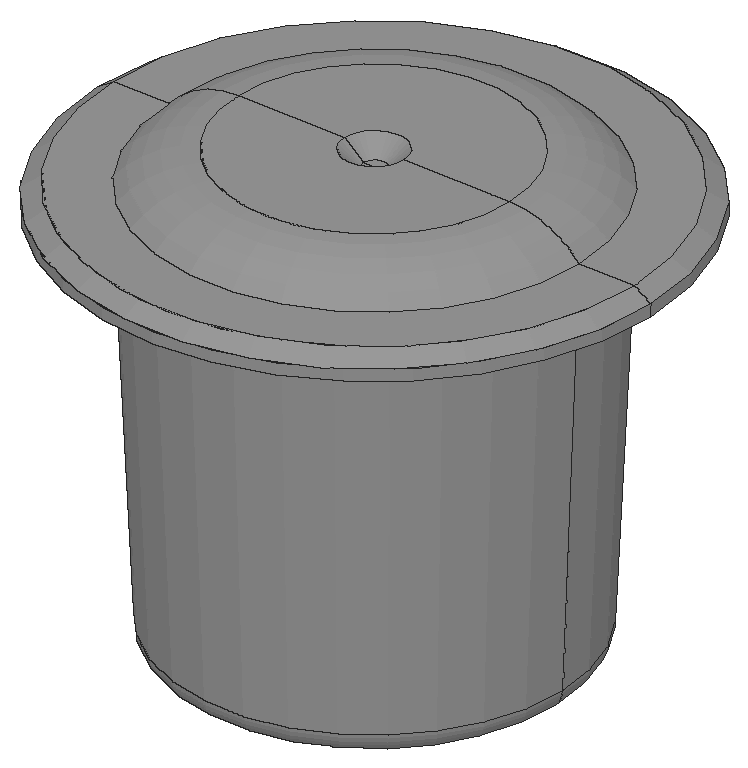
Revit family "0041720", category Lighting Fixtures, host Face, Revit 2017
Family settings
  Host = Face
  Round Connector Dimension = Use Diameter
  Part Type = Normal
  OmniClass Number = 23.80.70.00
  OmniClass Title = Lighting
  Cut with Voids When Loaded = No
  Light Source = Yes
  Shared = No
  Room Calculation Point = No
Parameters (values of type "0041720 SYLSAFE SPOT RA R EM3 NM MS - Open Area Lens")
  Weight = "8.0 kg"
  Wattage Comments = ""
  Wattage = 3 W
  WarrantyStartDate [instance] = "n/a"
  WarrantyGuarantorParts = "n/a"
  WarrantyDurationUnit = "n/a"
  WarrantyDurationParts = "n/a"
  WarrantyDescription = "n/a"
  built-in parameter 1150110 = 1 (stored number, unit not read)
  Voltage = 230 V
  URL = "http://www.sylvania-lighting.com"
  TypeName = "SylSafe Spot RA R EM3 NM MS - Open Area Lens"
  Type Image = <None>
  Type Comments = "n/a"
  built-in parameter 1114217 = 1 (stored number, unit not read)
  Tilt Angle = -90.00°
  built-in parameter 1150109 = 1 (stored number, unit not read)
  built-in parameter 1150134 = (empty or 0)
  built-in parameter 1150113 = 1 (stored number, unit not read)
  SerialNumber [instance] = "n/a"
  Photometric Web File = "0041720OA.ies"
  OpenAreaLens_SYL = yes
  Material_3_SYL = LED
  PowerFactor = 0.45
  PowerConsumption = "3 W"
  NominalLength = 50 mm
  NominalHeight = 45 mm
  NominalDepth = 50 mm
  Name = "SylSafe Spot RA R EM3 NM MS - Open Area Lens"
  ModelReference = Name  # "SylSafe Spot RA R EM3 NM MS - Open Area Lens"
  ModelNumber = "0041720"
  Model = Name  # "SylSafe Spot RA R EM3 NM MS - Open Area Lens"
  Material = "n/a"
  ManufacturerName = "Feilo Sylvania"
  Manufacturer = "Feilo Sylvania"
  LuminousEfficacy = "53 lm/W"
  built-in parameter 1150105 = 74.134 (stored number, unit not read)
  Lumens = 159 lm
  LuminaireType = ""
  built-in parameter 1150115 = 1 (stored number, unit not read)
  LightOutputRatio = "n/a"
  built-in parameter 1150137 = (empty or 0)
  built-in parameter 1150139 = (empty or 0)
  LampsType = Lamp  # "LED"
  LampNominalLuminous = "160 lm"
  LampMacAdamStep = "n/a"
  LampColourTemperature = "6300 K"
  LampColourRenderingIndex = "75"
  built-in parameter 1150112 = 1 (stored number, unit not read)
  built-in parameter 1150114 = 1 (stored number, unit not read)
  Lamp = "LED"
  Keynote = "16500"
  InstallationDate [instance] = "n/a"
  InputVoltage = "230-240 V AC"
  InputNominalFrequency = "50/60 Hz"
  built-in parameter 1150132 = (empty or 0)
  built-in parameter 1150102 = (empty or 0)
  built-in parameter 1150107 = 6300 (stored number, unit not read)
  built-in parameter 1150138 = (empty or 0)
  IngressProtection = "IP30"
  ImpactProtectionIndex = "IK03"
  built-in parameter 1150106 = 0.74134 (stored number, unit not read)
  IfcExportType = "IfcLightFixtureType"
  IfcExportAs = "IfcLightFixtureType"
  HighRiskAreaLens_SYL = no
  EscapeRouteLens_SYL = no
  Emit from Circle Diameter = 28 mm
  Emit Shape Visible in Rendering = no
  ElectricShockClassification = "Class II"
  built-in parameter 1150104 = 4.9239 (stored number, unit not read)
  DocumentationLiterature = "http://www.sylvania-lighting.com/product/en-int/products/0041720"
  DimmingControlOptions = "n/a"
  Material_2_SYL = Aluminum
  Dimming Lamp Color Temperature Shift = <None>
  Description = "SylSafe Spot RA R EM3 NM MS is a miniature emergency recessed downlight with interchangeable optics for open area and escape route illumination. Non-maintained 3 hr emergency duration with NiMH rechargeable battery. Recharge period 24 hours. Quick and easy installation with driver module and battery pack contained in articulated case that can pass through 40mm cutout. 160lm, 3W, IK03, IP30. Power Factor 0.45. Class II electrical construction."
  Default Elevation = 1219.2 mm
  CreatedOn = "2/20/2020"
  CreatedBy = "@sylvania-lighting.com"
  Cost = 0
  Color Filter = 16777215
  built-in parameter 1114216 [instance] = (empty or 0)
  ClassificationValue = "EF_70_80"
  ClassificationName = "Uniclass2015"
  Material_1_SYL = PC/ABS Plastic
  BarCode [instance] = "n/a"
  built-in parameter 1114218 = 1 (stored number, unit not read)
  built-in parameter 1150133 = 10 (stored number, unit not read)
  AssetType = "Fixed"
  AssetIdentifier [instance] = "n/a"
  Assembly Code = "D5020200"
  Apparent Load = 3 VA
  Material_4_SYL = Plastic, Transparent
Types (2, lengths in mm): name | TypeName | Photometric Web File | OpenAreaLens_SYL | Name | ModelReference | Model | built-in parameter 1150105 | built-in parameter 1150106 | HighRiskAreaLens_SYL | EscapeRouteLens_SYL
  0041720 SYLSAFE SPOT RA R EM3 NM MS - Open Area Lens | "SylSafe Spot RA R EM3 NM MS - Open Area Lens" | "0041720OA.ies" | yes | "SylSafe Spot RA R EM3 NM MS - Open Area Lens" | "SylSafe Spot RA R EM3 NM MS - Open Area Lens" | "SylSafe Spot RA R EM3 NM MS - Open Area Lens" | 74.134 (stored number, unit not read) | 0.74134 (stored number, unit not read) | no | no
  0041720 SYLSAFE SPOT RA R EM3 NM MS - Escape Route Lens | "SylSafe Spot RA R EM3 NM MS - Escape Route Lens" | "0041720ER.ies" | no | "SylSafe Spot RA R EM3 NM MS - Escape Route Lens" | "SylSafe Spot RA R EM3 NM MS - Escape Route Lens" | "SylSafe Spot RA R EM3 NM MS - Escape Route Lens" | 145.75 (stored number, unit not read) | 1.4575 (stored number, unit not read) | yes | yes
Reference planes
  plane 1 "Center (Front/Back)": y = 0
  plane 2: z = 0
  plane 3 "Center (Left/Right)": x = 0
  plane 4: x = -25
  plane 5: z = 2
  plane 6: x = -23.5
  plane 7: z = 1
  plane 8: x = -18.5
  plane 9: x = -17
  plane 10: x = -5.625
  plane 11: z = -35
  plane 12: z = -37.5
  plane 13: z = -40.7
  plane 14: z = -42.7
  plane 15: x = -3.425
  plane 16: x = -2.625
  plane 17: x = -4.381
  plane 18: z = -10
  plane 19: x = -13.75
  plane 20: x = -21
  plane 21: z = 7.799
  plane 22: z = 4.799
  plane 23: x = -12.281
  plane 24: x = -1
Forms (mm)
  Revolve 1, solid, material "PC/ABS Plastic" <- "Material_1_SYL"
    sketch origin (0, 0, 0) x (1, 0, 0) y (0, 0, 1)
      loop
        line (0, -10) -> (-4.381, -10)
        arc (-4.381, -10) -> (-9.211, -6.282) -> (-13.125, -1.611) r 28.096
        line (-13.125, -1.611) -> (-13.125, 2) -> (-23.5, 2) -> (-25, 1) -> (-25, 0) -> (-18.5, 0) -> (-17, -33.088)
        arc (-17, -33.088) -> (-16.383, -34.445) -> (-15, -35) r 2.002
        line (-15, -35) -> (0, -35) -> (0, -10)
      axis (0, 2) -> (0, -35)
    angle from 360 to 0
  Revolve 2, void
    sketch origin (0, 0, 0) x (1, 0, 0) y (0, 0, 1)
      loop
        line (0, -70.876) -> (0, 0) -> (-21, 0) -> (-21, -70.876) -> (0, -70.876)
      axis (0, 0) -> (0, -70.876)
    angle from 360 to 0
  Revolve 3, solid, material "Plastic, Transparent" <- "Material_4_SYL", visible <- "EscapeRouteLens_SYL"
    sketch origin (0, 0, 0) x (1, 0, 0) y (0, 0, 1)
      loop
        line (0, 7.799) -> (-13.125, 7.799) -> (-13.125, 2) -> (0, 2) -> (0, 7.799)
      axis (0, 7.799) -> (0, 2)
    angle from 360 to 0
  Extrusion 4, void
    sketch origin (0, 0, 0) x (0, 0, -1) y (0.707107, 0.707107, 0)
      loop
        line (-2, 0) -> (-7.035, 2.907) -> (-2, 5.814) -> (-4.913, 8.179) -> (-2, 10.544) -> (-3.246, 11.79) -> (-2, 13.035) -> (-2, 13.951) -> (-7.799, 13.951) -> (-7.799, 0) -> (-7.799, -13.951) -> (-2.356, -13.951) -> (-2.356, -12.679) -> (-3.246, -11.79) -> (-2, -10.544) -> (-4.913, -8.179) -> (-2, -5.814) -> (-7.035, -2.907) -> (-2, 0)
    from -17.55 to 19.074
  Revolve 5, solid, material "Plastic, Transparent" <- "Material_4_SYL", visible <- "OpenAreaLens_SYL"
    sketch origin (0, 0, 0) x (1, 0, 0) y (0, 0, 1)
      loop
        arc (-12.281, 4.799) -> (-15.691, 4.067) -> (-18.5, 2) r 8.308
        line (-18.5, 2) -> (0, 2) -> (0, 3.356) -> (-1, 3.356) -> (-2.625, 4.799) -> (-12.281, 4.799)
      axis (0, 4.799) -> (0, 2)
    angle from 360 to 0
  Extrusion 6, solid, material "Plastic, Transparent" <- "Material_4_SYL", visible <- "HighRiskAreaLens_SYL"
    sketch origin (200, -4572, 2) x (0, -1, 0) y (-1, 0, 0)
      loop
        line (-4590.5, 200) -> (-4572, 181.5) -> (-4553.5, 200) -> (-4572, 218.5) -> (-4590.5, 200)
    from 0 to -2.799
  Extrusion 7, void
    sketch origin (0, -18.5, 2) x (-0.707107, -0.707107, 0) y (0, 0, 1)
      loop
        line (0, 1.399) -> (0, 3.23) -> (-26.163, 3.23) -> (-26.163, 1.399)
        arc (-26.163, 1.399) -> (-13.081, 2.799) -> (0, 1.399) r 61.84
    from 0 to 26.163
  Revolve 8, void
    sketch origin (0, 0, 0) x (1, 0, 0) y (0, 0, 1)
      loop
        line (0, 2.7) -> (0, 3.399) -> (-18.5, 3.399) -> (-18.5, 2) -> (-17, 2)
        arc (-17, 2) -> (-8.507, 2.525) -> (0, 2.7) r 206.861
      axis (0, 3.399) -> (0, 2)
    angle from 360 to 0
Cuts and joins
  Extrusion 4 cuts Revolve 3
  Extrusion 7 cuts Extrusion 6
Lines and regions (mm)
  reference lines
    curve 1: line (0, 0, 0) -> (28.284, -28.284, 0)
    curve 2: line (-18.5, 0, 0) -> (0, -18.5, 0)
    curve 3: line (0, -18.5, 0) -> (18.5, 0, 0)
    curve 4: line (18.5, 0, 0) -> (0, 18.5, 0)
    curve 5: line (0, 18.5, 0) -> (-18.5, 0, 0)
Dimensions and locks
  locked: plane 3 "Center (Left/Right)" to plane 10 at 5.625
  plane 3 "Center (Left/Right)" to plane 9 to plane 8 to plane 6 to plane 4 = 17 mm locked, 1.5 mm locked, 5 mm locked, 1.5 mm locked
  plane 5 to plane 7 to level = 1 mm locked, 1 mm locked
  locked: level to plane 11 at 35
  plane 11 to plane 12 to plane 13 to plane 14 = 2.5 mm locked, 3.2 mm locked, 2 mm locked
  plane 16 to plane 15 to plane 17 to plane 10 = 0.8 mm locked, 0.956 mm locked, 1.244 mm locked
  locked: level to plane 18 at 10
  locked: plane 3 "Center (Left/Right)" to plane 19 at 13.75
  locked: plane 3 "Center (Left/Right)" to plane 20 at 21
  locked: plane 21 to plane 5 at 5.799
  locked: plane 21 to plane 22 at 3
  locked: plane 3 "Center (Left/Right)" to plane 23 at 12.281
  locked: plane 3 "Center (Left/Right)" to plane 24 at 1
  locked: curve 1 to plane 1 "Center (Front/Back)" (angle 45.00°)
  aligned and locked: plane 2 to host face
  aligned and locked: level to host face
  aligned and locked: Revolve 1 sketch curve to plane 3 "Center (Left/Right)"
  aligned and locked: plane 3 "Center (Left/Right)" to Revolve 1 sketch curve  (x2)
  aligned and locked: Revolve 1 sketch curve to plane 18
  aligned and locked: plane 5 to Revolve 1 sketch curve
  aligned and locked: plane 7 to Revolve 1 sketch curve
  aligned and locked: level to Revolve 1 sketch curve
  aligned and locked: Revolve 1 sketch curve to plane 4
  aligned and locked: plane 9 to Revolve 1 sketch curve
  aligned and locked: plane 11 to Revolve 1 sketch curve
  aligned and locked: Revolve 2 sketch curve to plane 3 "Center (Left/Right)"  (x2)
  aligned and locked: Revolve 2 sketch curve to level
  aligned and locked: plane 20 to Revolve 2 sketch curve
  aligned and locked: Revolve 3 sketch curve to plane 3 "Center (Left/Right)"
  aligned and locked: Revolve 3 sketch curve to plane 21
  aligned and locked: Revolve 1 to Revolve 3 sketch curve
  aligned and locked: Revolve 3 sketch curve to Revolve 1
  aligned and locked: plane 3 "Center (Left/Right)" to Revolve 3 sketch curve
  aligned and locked: plane 1 "Center (Front/Back)" to curve 1
  aligned and locked: Revolve 5 sketch curve to plane 3 "Center (Left/Right)"
  aligned and locked: plane 23 to Revolve 5 sketch curve
  aligned and locked: plane 22 to Revolve 5 sketch curve
  aligned and locked: plane 5 to Revolve 5 sketch curve
  aligned and locked: plane 24 to Revolve 5 sketch curve
  aligned and locked: plane 3 "Center (Left/Right)" to imposter light
  aligned and locked: imposter light to plane 1 "Center (Front/Back)"
  aligned and locked: imposter light to plane 22
  aligned and locked: Extrusion 6 sketch curve to curve 5
  aligned and locked: Extrusion 6 sketch curve to curve 2
  aligned and locked: Extrusion 6 sketch curve to curve 3
  aligned and locked: Extrusion 6 sketch curve to curve 4
  aligned and locked: Extrusion 6 to plane 22
  aligned and locked: plane 5 to Extrusion 6
  aligned and locked: Extrusion 7 sketch curve to Extrusion 6
  aligned and locked: Extrusion 6 to Extrusion 7 sketch curve
  aligned and locked: Extrusion 7 to curve 2  (x2)
  aligned and locked: Revolve 8 sketch curve to plane 3 "Center (Left/Right)"
  aligned and locked: Revolve 8 sketch curve to plane 5
  aligned and locked: Revolve 8 sketch curve to cut or joined group of Extrusion 6, Extrusion 7  (x2)
Automatic sketch dimensions
  Revolve 1 sketch curve to plane 6 = 0 mm
  Revolve 1 sketch curve to plane 8 = 0 mm
  Revolve 1 sketch curve to plane 17 = 0 mm
  plane 3 "Center (Left/Right)" to Revolve 1 sketch curve = 10.241 mm
  Revolve 1 sketch curve to plane 11 = 1.912 mm
  Revolve 1 sketch curve to level = 1.611 mm
  plane 14 to Revolve 1 sketch curve = 566.9 mm
  Revolve 1 sketch curve to Revolve 1 sketch curve = 2595.067 mm
  plane 14 to Revolve 2 sketch curve = 28.176 mm
  Revolve 2 sketch curve to Revolve 2 sketch curve = 538.724 mm
  Revolve 2 sketch curve to plane 5 = 2607.058 mm
  plane 14 to Revolve 3 sketch curve = 566.9 mm
  Revolve 3 sketch curve to Revolve 3 sketch curve = 2601.259 mm
  plane 21 to Extrusion 4 sketch curve = 0 mm
  plane 5 to Extrusion 4 sketch curve = 0 mm  (x6)
  plane 21 to Extrusion 4 sketch curve = 0.764 mm  (x2)
  plane 21 to Extrusion 4 sketch curve = 2.886 mm  (x2)
  Extrusion 4 sketch curve to plane 5 = 1.246 mm  (x2)
  Extrusion 4 sketch curve to Extrusion 4 sketch curve = 1.272 mm
  Extrusion 4 sketch curve to Extrusion 4 sketch curve = 0.889 mm
  Extrusion 4 sketch curve to Extrusion 4 sketch curve = 2.365 mm  (x4)
  Extrusion 4 sketch curve to Extrusion 4 sketch curve = 5.272 mm
  Extrusion 4 sketch curve to Extrusion 4 sketch curve = 5.814 mm  (x2)
  Extrusion 4 sketch curve to Extrusion 4 sketch curve = 2.907 mm  (x2)
  Extrusion 4 sketch curve to Extrusion 4 sketch curve = 1.246 mm
  Extrusion 4 sketch curve to Extrusion 4 sketch curve = 2.161 mm
  Extrusion 4 sketch curve to plane 5 = 0.356 mm
  Revolve 5 sketch curve to plane 8 = 0 mm
  Revolve 5 sketch curve to plane 16 = 0 mm
  Revolve 5 sketch curve to plane 5 = 1.356 mm
  plane 14 to Revolve 5 sketch curve = 566.9 mm
  Revolve 5 sketch curve to plane 21 = 2601.259 mm
  plane 1 "Center (Front/Back)" to curve 2 = 0 mm
  curve 2 to plane 8 = 0 mm
  curve 5 to plane 3 "Center (Left/Right)" = 0 mm
  curve 2 to plane 3 "Center (Left/Right)" = 0 mm
  curve 1 to plane 3 "Center (Left/Right)" = 0 mm
  plane 1 "Center (Front/Back)" to curve 3 = 0 mm
  Extrusion 7 sketch curve to Extrusion 6 = 13.081 mm
  Extrusion 6 to Extrusion 7 sketch curve = 59.041 mm
  Extrusion 7 sketch curve to Extrusion 6 = 1.399 mm
  Extrusion 6 to Extrusion 7 sketch curve = 0.431 mm
  Revolve 5 sketch curve to plane 3 "Center (Left/Right)" = 0 mm
  Revolve 8 sketch curve to plane 9 = 0 mm
  Revolve 8 sketch curve to plane 3 "Center (Left/Right)" = 0 mm
  plane 14 to Revolve 8 sketch curve = 161.461 mm
  Revolve 8 sketch curve to Revolve 8 sketch curve = 405.439 mm
  Revolve 8 sketch curve to plane 21 = 2601.259 mm
  plane 19 to Revolve 1 sketch curve = 0.625 mm
  host sketch curve to host sketch curve = 80.277 mm  (x2)
Connectors
  electrical at (0, 0, 0), driven by "Apparent Load", driven by "PowerFactor", driven by "Voltage"
    settings: index 1, voltage 230 V, apparent load 3 VA, apparent load phase1 0 VA, apparent load phase2 0 VA, apparent load phase3 0 VA, power factor 0.45, load classification "Lighting", number of poles 1, system type 30, power factor state 1, is connector primary yes, connector utility no, sub classification motor no, connector description ""
